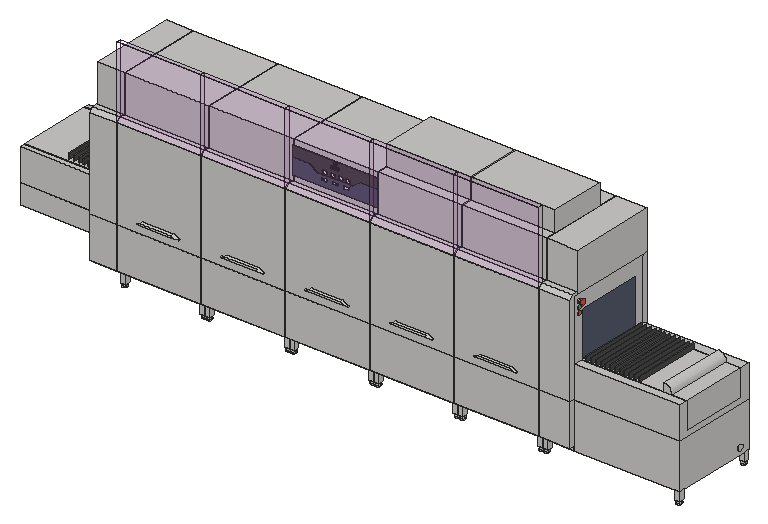
Revit family "QF_ELECTROLUXPROFESSIONAL_520121_EFTD082EL2U2D1M5EL385", category Attrezzature speciali, Revit 2020
Family settings
  Quota connettore circolare = Usa diametro
  Tipo di parte = Normale
  Basato su piano di lavoro = No
  Sempre verticale = Sì
  Taglio con vuoti quando caricato = No
  Condiviso = No
  Punto di calcolo locali = No
Parameters (values of type "Standard")
  Weight = 1381.00 kg
  Watts = 66700 W
  Volts = 380 V
  URL Manufacturer = "https://www.electroluxprofessional.com/"
  URL = "https://www.electroluxprofessional.com/"
  Steam Supply Size = 0 mm
  Steam Supply Minimum Pressure = 0.0 Pa
  Steam Supply Maximum Pressure = 0.0 Pa
  Steam Consumption per Hour = 0
  Show Logo [instance] = yes
  Show Clearance [instance] = yes
  Refrigeration Suction Line Size = 0 mm
  Refrigeration Liquid Line Size = 0 mm
  Refrigerant Compressor Remote = yes
  Prospetto di default = 0 mm
  Produttore = "Electrolux Professional"
  Phase = 3
  Modello = "EFTD082EL2U2D1M5EL385"
  Length Actual = 6250 mm  # constant formula
  Item Number = "520121"
  Hot Water Size = 0 mm
  Height Actual = 1983 mm  # constant formula
  HP = "89.4 HP"
  Gas Size = 0 mm
  Gas KW = 0
  Gas Input Pressure = 0 W
  Direct Waste Size = 50.8 mm
  Descrizione = "FT, 3TANKS, 8200D/H, EL., 950MM LOADING, 1300MM UNLOADING, 1DRYER, 55MM CONVEYOR,ESD,L>R,380V50HZ3P"
  Depth Actual = 946 mm  # constant formula
  Cycle = 50 Hz
  Condensate Return Size = 0 mm
  Compressed Air Volume = 0.0 L/s
  Compressed Air Size = 0 mm
  Compressed Air Pressure = 0.0 Pa
  Cold Water Size = 0 mm
  Accessory = yes
Reference planes
  plane 1 "Centro (Fronte/Retro)": y = 0
  plane 2: z = 0
  plane 3 "Centro (Sinistra/Destra)": x = 0
  plane 4: z = 115
Forms (mm)
  Extrusion 1, solid, material "QF_Finishes_Stainless Steel"
    sketch origin (2232.404, 2, 1806.023) x (1, 0, 0) y (0, 0, 1)
      loop
        line (407.596, -163.023) -> (407.596, -183.023) -> (427.596, -183.023) -> (427.596, -163.023) -> (407.596, -163.023)
    from 0 to 2
  Extrusion 2, solid, material "QF_Finishes_Stainless Steel"
    sketch origin (6255.617, -934.464, 1290.159) x (0, 0, -1) y (0, -1, 0)
      loop
        circle (1102.159, -772.464) r 25
    from -9.383 to 5.617
  Extrusion 3, solid, material "QF_Finishes_Stainless Steel"
    sketch origin (2892.404, 2, 337.984) x (1, 0, 0) y (0, 0, 1)
      loop
        line (407.596, -163.023) -> (407.596, -183.023) -> (427.596, -183.023) -> (427.596, -163.023) -> (407.596, -163.023)
    from 0 to 2
  Extrusion 4, solid, material "QF_Finishes_Stainless Steel"
    sketch origin (2697.841, 200.464, 109.383) x (1, 0, 0) y (0, 1, 0)
      loop
        circle (1102.159, -772.464) r 10
    from -9.383 to 5.617
Dimensions and locks
  plane 4 to level = 115 mm
  aligned and locked: level to plane 2
Nested families
  nested 1: "MODULO_CENTER_800_FAN" at (3733.563, -388.258, 0), Show Clearance <- "Show Clearance", type "MODULO_CENTER_800_FAN"
    with Show Logo yes, Show Clearance yes, R_L no, L_R yes
  nested 2: "MODULO_CENTER_800_FAN" at (4533.563, -388.258, 0), Show Clearance <- "Show Clearance", type "MODULO_CENTER_800_FAN"
    with Show Logo yes, Show Clearance yes, R_L no, L_R yes
  nested 3: "MODULO_CENTER_800" at (2933.563, -388.258, 0), Show Clearance <- "Show Clearance", type "MODULO_CENTER_800"
    with Show Logo yes, Show Clearance yes, R_L no, L_R yes
  nested 4: "MODULO_ENTRY_DISH_950" at (558.563, -388.258, 0), type "MODULO_ENTRY_DISH_950"
    with Show Logo yes, Show Clearance yes, R_L no, L_R yes
  nested 5: "MODULO_USCITA_DISH_1300" at (5308.563, -388.258, 0), type "MODULO_USCITA_DISH_1300"
    with Show Logo yes, Show Clearance yes, R_L yes, L_R no
  nested 6: "Piedino_Square_115H" at (6226.5, -73.5, 0) x (-1, 0, 0) z (0, 0, 1), type "Piedino_Square_115H"
  nested 7: "Piedino_Square_115H" at (6226.5, -838.5, 0) x (-1, 0, 0) z (0, 0, 1), type "Piedino_Square_115H"
  nested 8: "Piedino_Square_115H" at (4973.5, -73.5, 0) x (-1, 0, 0) z (0, 0, 1), type "Piedino_Square_115H"
  nested 9: "Piedino_Square_115H" at (4973.5, -838.5, 0) x (-1, 0, 0) z (0, 0, 1), type "Piedino_Square_115H"
  nested 10: "Piedino_Square_115H" at (3373.5, -838.5, 0), type "Piedino_Square_115H"
  nested 11: "Piedino_Square_115H" at (3373.5, -73.5, 0), type "Piedino_Square_115H"
  nested 12: "Piedino_Square_115H" at (4126.5, -838.5, 0), type "Piedino_Square_115H"
  nested 13: "Piedino_Square_115H" at (4126.5, -73.5, 0), type "Piedino_Square_115H"
  nested 14: "Piedino_Square_115H" at (4173.5, -838.5, 0) x (-1, 0, 0) z (0, 0, 1), type "Piedino_Square_115H"
  nested 15: "Piedino_Square_115H" at (4173.5, -73.5, 0) x (-1, 0, 0) z (0, 0, 1), type "Piedino_Square_115H"
  nested 16: "Piedino_Square_115H" at (4926.5, -838.5, 0) x (-1, 0, 0) z (0, 0, 1), type "Piedino_Square_115H"
  nested 17: "Piedino_Square_115H" at (4926.5, -73.5, 0) x (-1, 0, 0) z (0, 0, 1), type "Piedino_Square_115H"
  nested 18: "Piedino_Square_115H" at (2573.5, -838.5, 0), type "Piedino_Square_115H"
  nested 19: "Piedino_Square_115H" at (2573.5, -73.5, 0), type "Piedino_Square_115H"
  nested 20: "Piedino_Square_115H" at (3326.5, -838.5, 0), type "Piedino_Square_115H"
  nested 21: "Piedino_Square_115H" at (3326.5, -73.5, 0), type "Piedino_Square_115H"
  nested 22: "MANIGLIA_FLIGHT_400" at (2950, -912, 639.28) x (1, 0, 0) z (0, -1, 0), type "MANIGLIA_FLIGHT_400"
  nested 23: "MANIGLIA_FLIGHT_400" at (4550, -912, 639.28) x (1, 0, 0) z (0, -1, 0), type "MANIGLIA_FLIGHT_400"
  nested 24: "MANIGLIA_FLIGHT_400" at (3750, -912, 639.28) x (1, 0, 0) z (0, -1, 0), type "MANIGLIA_FLIGHT_400"
  nested 25: "MODULO_CENTER_800" at (2166.437, -388.258, 0) x (-1, 0, 0) z (0, 0, 1), Show Clearance <- "Show Clearance", type "MODULO_CENTER_800"
    with Show Logo yes, Show Clearance yes, R_L no, L_R yes
  nested 26: "Piedino_Square_115H" at (2526.5, -838.5, 0) x (-1, 0, 0) z (0, 0, 1), type "Piedino_Square_115H"
  nested 27: "Piedino_Square_115H" at (2526.5, -73.5, 0) x (-1, 0, 0) z (0, 0, 1), type "Piedino_Square_115H"
  nested 28: "Piedino_Square_115H" at (1773.5, -838.5, 0) x (-1, 0, 0) z (0, 0, 1), type "Piedino_Square_115H"
  nested 29: "Piedino_Square_115H" at (1773.5, -73.5, 0) x (-1, 0, 0) z (0, 0, 1), type "Piedino_Square_115H"
  nested 30: "MANIGLIA_FLIGHT_400" at (2150, -912, 639.28) x (-1, 0, 0) z (0, -1, 0), type "MANIGLIA_FLIGHT_400"
  nested 31: "MODULO_CENTER_800" at (1333.563, -388.258, 0), Show Clearance <- "Show Clearance", type "MODULO_CENTER_800"
    with Show Logo yes, Show Clearance yes, R_L no, L_R yes
  nested 32: "Piedino_Square_115H" at (973.5, -838.5, 0), type "Piedino_Square_115H"
  nested 33: "Piedino_Square_115H" at (973.5, -73.5, 0), type "Piedino_Square_115H"
  nested 34: "Piedino_Square_115H" at (1726.5, -838.5, 0), type "Piedino_Square_115H"
  nested 35: "Piedino_Square_115H" at (1726.5, -73.5, 0), type "Piedino_Square_115H"
  nested 36: "MANIGLIA_FLIGHT_400" at (1350, -912, 639.28) x (1, 0, 0) z (0, -1, 0), type "MANIGLIA_FLIGHT_400"
  nested 37: "Schermo_Flight_800" at (2950, -815, 1592.763) x (1, 0, 0) z (0, -1, 0), type "Schermo_Flight_800"
  nested 38: "ELX_LOGO_WORDS_WHITE" at (2950, -816.6, 1682.763) x (1, 0, 0) z (0, -1, 0), Show Logo <- "Show Logo", visible <- "Show Logo", type "ELX_LOGO_WORDS_WHITE"
    with Show Logo yes
  nested 39: "ELX_LOGO_MONO_SMALL_WHITE" at (2940.08, -816.6, 1668.763) x (-1, 0, 0) z (0, -1, 0), Show Logo <- "Show Logo", visible <- "Show Logo", type "ELX_LOGO_MONO_SMALL_WHITE"
    with Show Logo yes
Connectors
  electrical at (2650, 2, 1633)
    settings: on Extrusion 1, index 69, voltage 0 V, apparent load 0 VA, apparent load phase1 0 VA, apparent load phase2 0 VA, apparent load phase3 0 VA, power factor 1, load classification "Altro", number of poles 1, system type 30, power factor state 1, is connector primary yes, connector utility no, sub classification motor no, connector description "EI"
  piping at (6265, -162, 188), diameter 50
    settings: on Extrusion 2, index 70, connector inside diameter 609.6 mm, connector length 0 mm, flow factor 0, pipe flow 0.0 L/s, pressure drop 0.0 Pa, fitting loss kfactor 0, connector angle 0.00°, fixture units 0, engagement length 0 mm, angle of deflection 0.00°, flow configuration 0, flow direction 0, fitting loss method 0, system type 29, joint type 0, gender type 0, connector reference index -1, connector utility 0, adjustable connector no, is connector primary yes, connector description "D"
  electrical at (3310, 2, 164.961)
    settings: on Extrusion 3, index 71, voltage 0 V, apparent load 0 VA, apparent load phase1 0 VA, apparent load phase2 0 VA, apparent load phase3 0 VA, power factor 1, load classification "Altro", number of poles 1, system type 30, power factor state 1, is connector primary no, connector utility no, sub classification motor no, connector description "EQ"
  piping at (3800, -572, 100), diameter 19.1
    settings: on Extrusion 4, index 72, connector inside diameter 609.6 mm, connector length 0 mm, flow factor 0, pipe flow 0.0 L/s, pressure drop 0.0 Pa, fitting loss kfactor 0, connector angle 0.00°, fixture units 0, engagement length 0 mm, angle of deflection 0.00°, flow configuration 0, flow direction 0, fitting loss method 0, system type 29, joint type 0, gender type 0, connector reference index -1, connector utility 0, adjustable connector no, is connector primary no, connector description "HWI/CWI"
Definition of nested family "MODULO_CENTER_800_FAN"
  Parameters (values of type "MODULO_CENTER_800_FAN")
    URL = "http://professional.electrolux.com"
    Show Logo [instance] = yes
    R_L [instance] = not(L_R)  # no
    Default Elevation = 0 mm
    Manufacturer = "Electrolux"
    Model = "ESR10E5"
    Length Actual = 800 mm
    Show Clearance [instance] = yes
    L_R [instance] = yes
    Height Actual = 1792 mm
    Description = "SINGLE RINSE RT, 100R/H, ELECTRIC 50HZ"
    Depth Actual = 912 mm
  Reference planes
    plane 1 "Center X": y = -67.742
    plane 2: z = 0
    plane 3 "LEFT": x = -383.563
    plane 4 "RIGHT": x = 416.437
    plane 5 "BACK": y = 388.258
    plane 6 "FEET": z = 115
    plane 7: z = 2092
    plane 8 "TOP": z = 1792
    plane 9 "FRONT": y = -523.742
    plane 10 "Left/Right": x = 16.437
    plane 11 "TopVent": z = 1983
  Forms (mm)
    Extrusion 1, solid
      sketch origin (416.437, 479.936, 4000) x (0, 1, 0) y (0, 0, 1)
        loop
          line (-91.678, -2208) -> (-906.678, -2208) -> (-906.678, -2580) -> (-91.678, -2580) -> (-91.678, -2208)
      from -800 to 0
    Extrusion 2, solid
      sketch origin (-383.563, 437.565, 3910) x (0, 1, 0) y (0, 0, 1)
        loop
          line (-99.307, -2490) -> (-911.307, -2490) -> (-911.307, -3552) -> (-99.307, -3552) -> (-99.307, -2490)
      from 800 to 0
    Extrusion 3, solid
      sketch origin (416.437, 479.936, 4299) x (0, 1, 0) y (0, 0, 1)
        loop
          line (-278.21, -2316) -> (-803.678, -2316) -> (-803.678, -2507) -> (-278.21, -2507) -> (-278.21, -2316)
      from -800 to 0
    Extrusion 4, solid
      sketch origin (16.437, 0, 1.5) x (0, 0, 1) y (0, -1, 0)
        loop
          line (356.5, -338.258) -> (356.5, 473.742) -> (113.5, 473.742) -> (113.5, -338.258) -> (356.5, -338.258)
      from 400 to -400
    Extrusion 5, solid
      sketch origin (16.437, 0, 0) x (0, 0, 1) y (0, -1, 0)
        loop
          line (1420, -338.258) -> (545, -338.258) -> (545, -388.258) -> (1420, -388.258) -> (1420, -338.258)
      from -400 to 400
    Extrusion 6, solid
      sketch origin (16.437, 0, 0) x (0, 0, 1) y (0, -1, 0)
        loop
          line (545, -388.258) -> (545, -338.258) -> (154, -338.258) -> (154, -388.258) -> (545, -388.258)
      from -400 to 400
    Extrusion 7, solid
      sketch origin (16.437, -882.484, -150) x (0, -1, 0) y (0, 0, 1)
        loop
          line (-358.742, 304) -> (-358.742, 695) -> (-408.742, 695) -> (-408.742, 304) -> (-358.742, 304)
      from -400 to 400
    Extrusion 8, solid
      sketch origin (16.437, -882.484, -151) x (0, -1, 0) y (0, 0, 1)
        loop
          line (-408.742, 1571) -> (-408.742, 696) -> (-358.742, 696) -> (-358.742, 1556) -> (-395.742, 1593) -> (-443.742, 1593) -> (-443.742, 1571) -> (-408.742, 1571)
      from -400 to 400
    Extrusion 9, solid, visible <- "Show Clearance"
      sketch origin (16.437, -882.484, 452) x (0, -1, 0) y (0, 0, 1)
        loop
          line (-408.742, 1640) -> (-408.742, 953.624) -> (-358.742, 953.624) -> (-358.742, 1640) -> (-408.742, 1640)
      from -400 to 400
  Dimensions and locks
    plane 3 "LEFT" to plane 4 "RIGHT" = 800 mm
    plane 5 "BACK" to plane 1 "Center X" to plane 9 "FRONT" = 456 mm, 456 mm
    plane 6 "FEET" to level = 115 mm  (x2)
    plane 6 "FEET" to plane 8 "TOP" = 1677 mm
    plane 5 "BACK" to plane 9 "FRONT" = 912 mm  (x2)
    plane 4 "RIGHT" to plane 3 "LEFT" = 800 mm
    plane 9 "FRONT" to plane 5 "BACK" = 912 mm
    level to plane 8 "TOP" = 1792 mm  (x2)
    plane 7 to level = 2092 mm
    plane 11 "TopVent" to plane 2 = 1983 mm
    plane 7 to plane 2 = 2092 mm
    Extrusion 2 to level = 1420 mm
    Extrusion 8 to level = 1442 mm
    plane 11 "TopVent" to level = 1983 mm
    aligned and locked: level to plane 2
Definition of nested family "MODULO_CENTER_800"
  Parameters (values of type "MODULO_CENTER_800")
    URL = "http://professional.electrolux.com"
    Show Logo [instance] = yes
    R_L [instance] = not(L_R)  # no
    Default Elevation = 0 mm
    Manufacturer = "Electrolux"
    Model = "ESR10E5"
    Length Actual = 800 mm
    Show Clearance [instance] = yes
    L_R [instance] = yes
    Height Actual = 1792 mm
    Description = "SINGLE RINSE RT, 100R/H, ELECTRIC 50HZ"
    Depth Actual = 912 mm
  Reference planes
    plane 1 "Center X": y = -67.742
    plane 2: z = 0
    plane 3 "LEFT": x = -383.563
    plane 4 "RIGHT": x = 416.437
    plane 5 "BACK": y = 388.258
    plane 6 "FEET": z = 115
    plane 7: z = 2092
    plane 8 "TOP": z = 1792
    plane 9 "FRONT": y = -523.742
    plane 10 "Left/Right": x = 16.437
  Forms (mm)
    Extrusion 1, solid
      sketch origin (416.437, 479.936, 4000) x (0, 1, 0) y (0, 0, 1)
        loop
          line (-91.678, -2208) -> (-906.678, -2208) -> (-906.678, -2580) -> (-91.678, -2580) -> (-91.678, -2208)
      from -800 to 0
    Extrusion 2, solid
      sketch origin (-383.563, 437.565, 3915) x (0, 1, 0) y (0, 0, 1)
        loop
          line (-99.307, -2495) -> (-911.307, -2495) -> (-911.307, -3557) -> (-99.307, -3557) -> (-99.307, -2495)
      from 800 to 0
    Extrusion 3, solid
      sketch origin (16.437, 0, 1.5) x (0, 0, 1) y (0, -1, 0)
        loop
          line (356.5, -338.258) -> (356.5, 473.742) -> (113.5, 473.742) -> (113.5, -338.258) -> (356.5, -338.258)
      from 400 to -400
    Extrusion 4, solid
      sketch origin (16.437, 0, 0) x (0, 0, 1) y (0, -1, 0)
        loop
          line (1420, -338.258) -> (545, -338.258) -> (545, -388.258) -> (1420, -388.258) -> (1420, -338.258)
      from -400 to 400
    Extrusion 5, solid
      sketch origin (16.437, 0, 0) x (0, 0, 1) y (0, -1, 0)
        loop
          line (545, -388.258) -> (545, -338.258) -> (154, -338.258) -> (154, -388.258) -> (545, -388.258)
      from -400 to 400
    Extrusion 6, solid
      sketch origin (16.437, -882.484, -150) x (0, -1, 0) y (0, 0, 1)
        loop
          line (-358.742, 304) -> (-358.742, 695) -> (-408.742, 695) -> (-408.742, 304) -> (-358.742, 304)
      from -400 to 400
    Extrusion 7, solid
      sketch origin (16.437, -882.484, -151) x (0, -1, 0) y (0, 0, 1)
        loop
          line (-408.742, 1571) -> (-408.742, 696) -> (-358.742, 696) -> (-358.742, 1556) -> (-395.742, 1593) -> (-443.742, 1593) -> (-443.742, 1571) -> (-408.742, 1571)
      from -400 to 400
    Extrusion 8, solid, visible <- "Show Clearance"
      sketch origin (16.437, -882.484, 452) x (0, -1, 0) y (0, 0, 1)
        loop
          line (-408.742, 1640) -> (-408.742, 953.624) -> (-358.742, 953.624) -> (-358.742, 1640) -> (-408.742, 1640)
      from -400 to 400
  Dimensions and locks
    plane 3 "LEFT" to plane 4 "RIGHT" = 800 mm
    plane 5 "BACK" to plane 1 "Center X" to plane 9 "FRONT" = 456 mm, 456 mm
    plane 6 "FEET" to level = 115 mm  (x2)
    plane 6 "FEET" to plane 8 "TOP" = 1677 mm
    plane 5 "BACK" to plane 9 "FRONT" = 912 mm  (x2)
    plane 4 "RIGHT" to plane 3 "LEFT" = 800 mm
    plane 9 "FRONT" to plane 5 "BACK" = 912 mm
    level to plane 8 "TOP" = 1792 mm  (x2)
    plane 7 to level = 2092 mm
    plane 7 to plane 2 = 2092 mm
    Extrusion 2 to level = 1420 mm
    Extrusion 7 to level = 1442 mm
    aligned and locked: level to plane 2
Definition of nested family "MODULO_ENTRY_DISH_950"
  Parameters (values of type "MODULO_ENTRY_DISH_950")
    URL = "http://professional.electrolux.com"
    Show Logo [instance] = yes
    R_L [instance] = not(L_R)  # no
    Default Elevation = 0 mm
    Manufacturer = "Electrolux"
    Model = "ESR10E5"
    Length Actual = 800 mm
    Show Clearance [instance] = yes
    L_R [instance] = yes
    Height Actual = 1792 mm
    Description = "SINGLE RINSE RT, 100R/H, ELECTRIC 50HZ"
    Depth Actual = 912 mm
  Reference planes
    plane 1 "Center (Front/Back)": y = -67.742
    plane 2: z = 0
    plane 3 "LEFT": x = -558.563
    plane 4 "RIGHT": x = 391.437
    plane 5 "BACK": y = 388.258
    plane 6 "FRONT": y = -523.742
    plane 7 "BUTTONS": y = -427.742
    plane 8: z = 115
    plane 9 "2": y = 292.258
  Forms (mm)
    Extrusion 1, solid, visible <- "L_R"
      sketch origin (391.437, 479.936, 4000) x (0, 1, 0) y (0, 0, 1)
        loop
          line (-91.678, -2208) -> (-906.678, -2208) -> (-906.678, -2580) -> (-91.678, -2580) -> (-91.678, -2208)
      from -250 to 0
    Extrusion 2, solid
      sketch origin (-358.563, 437.565, 3910) x (0, 1, 0) y (0, 0, 1)
        loop
          line (-99.307, -2490) -> (-911.307, -2490) -> (-911.307, -3552) -> (-99.307, -3552) -> (-99.307, -2490)
      from 750 to 500
    Extrusion 3, solid
      sketch origin (-558.563, 437.565, 3910) x (0, 1, 0) y (0, 0, 1)
        loop
          line (-99.307, -3365) -> (-99.307, -3060) -> (-149.307, -3060) -> (-149.307, -3315) -> (-861.307, -3315) -> (-861.307, -3060) -> (-911.307, -3060) -> (-911.307, -3365) -> (-99.307, -3365)
      from 700 to 0
    Extrusion 4, solid
      sketch origin (16.437, 0, -4.987) x (0, 0, 1) y (0, -1, 0)
        loop
          line (362.987, -338.258) -> (362.987, 473.742) -> (119.987, 473.742) -> (119.987, -338.258) -> (362.987, -338.258)
      from 375 to 125
    Extrusion 5, solid, visible <- "L_R"
      sketch origin (16.437, 0, 0) x (0, 0, 1) y (0, -1, 0)
        loop
          line (1420, -338.258) -> (545, -338.258) -> (545, -388.258) -> (1420, -388.258) -> (1420, -338.258)
      from 125 to 375
    Extrusion 6, solid
      sketch origin (16.437, 0, 0) x (0, 0, 1) y (0, -1, 0)
        loop
          line (545, -388.258) -> (545, -338.258) -> (154, -338.258) -> (154, -388.258) -> (545, -388.258)
      from 125 to 375
    Extrusion 7, solid
      sketch origin (-558.563, 437.565, 3607.258) x (0, 1, 0) y (0, 0, 1)
        loop
          line (-99.307, -3249.258) -> (-99.307, -3062.258) -> (-911.307, -3062.258) -> (-911.307, -3249.258) -> (-99.307, -3249.258)
      from 700 to 0
    Extrusion 8, solid
      sketch origin (-558.563, 437.565, 4000) x (0, 1, 0) y (0, 0, 1)
        loop
          line (-149.307, -3150) -> (-861.307, -3150) -> (-861.307, -3405) -> (-149.307, -3405) -> (-149.307, -3150)
      from 0 to 700
    Extrusion 9, solid
      sketch origin (266.437, -882.484, -150) x (0, -1, 0) y (0, 0, 1)
        loop
          line (-358.742, 304) -> (-358.742, 695) -> (-408.742, 695) -> (-408.742, 304) -> (-358.742, 304)
      from -125 to 125
    Extrusion 10, solid, visible <- "L_R"
      sketch origin (266.437, -882.484, -151) x (0, -1, 0) y (0, 0, 1)
        loop
          line (-408.742, 1571) -> (-408.742, 696) -> (-358.742, 696) -> (-358.742, 1556) -> (-395.742, 1593) -> (-443.742, 1593) -> (-443.742, 1571) -> (-408.742, 1571)
      from -125 to 125
    Extrusion 11, solid
      sketch origin (-358.563, 437.565, 4000) x (0, 1, 0) y (0, 0, 1)
        loop
          line (-199.307, -2725.701) -> (-811.307, -2725.701) -> (-811.307, -3137.701) -> (-199.307, -3137.701) -> (-199.307, -2725.701)
      from 495.458 to 500
    Extrusion 12, solid, visible <- "R_L"
      sketch origin (266.437, 747, -151) x (0, 1, 0) y (0, 0, -1)
        loop
          line (-408.742, -1571) -> (-443.742, -1571) -> (-443.742, -1593) -> (-395.742, -1593) -> (-358.742, -1556) -> (-358.742, -696) -> (-408.742, -696) -> (-408.742, -1571)
      from -125 to 125
    Extrusion 13, solid, visible <- "R_L"
      sketch origin (16.437, -135.484, 0) x (0, 0, 1) y (0, -1, 0)
        loop
          line (1420, 338.258) -> (1420, 388.258) -> (545, 388.258) -> (545, 338.258) -> (1420, 338.258)
      from 125 to 375
    Extrusion 14, solid, visible <- "R_L"
      sketch origin (391.437, -615.42, 4000) x (0, -1, 0) y (0, 0, -1)
        loop
          line (-91.678, 2208) -> (-91.678, 2580) -> (-906.678, 2580) -> (-906.678, 2208) -> (-91.678, 2208)
      from -250 to 0
    Extrusion 15, solid
      sketch origin (-191.477, -192.742, -3) x (-1, 0, 0) y (0, 0, 1)
        loop
          line (-26.676, 853) -> (-26.676, 898) -> (-36.676, 898) -> (-36.676, 853) -> (-26.676, 853)
      from -196 to 446
    Extrusion 16, solid
      sketch origin (-146.477, -192.742, -3) x (-1, 0, 0) y (0, 0, 1)
        loop
          line (-26.676, 853) -> (-26.676, 898) -> (-36.676, 898) -> (-36.676, 853) -> (-26.676, 853)
      from -196 to 446
    Extrusion 17, solid
      sketch origin (-101.477, -192.742, -3) x (-1, 0, 0) y (0, 0, 1)
        loop
          line (-26.676, 853) -> (-26.676, 898) -> (-36.676, 898) -> (-36.676, 853) -> (-26.676, 853)
      from -196 to 446
    Extrusion 18, solid
      sketch origin (-56.477, -192.742, -3) x (-1, 0, 0) y (0, 0, 1)
        loop
          line (-26.676, 853) -> (-26.676, 898) -> (-36.676, 898) -> (-36.676, 853) -> (-26.676, 853)
      from -196 to 446
    Extrusion 19, solid
      sketch origin (-11.477, -192.742, -3) x (-1, 0, 0) y (0, 0, 1)
        loop
          line (-26.676, 853) -> (-26.676, 898) -> (-36.676, 898) -> (-36.676, 853) -> (-26.676, 853)
      from -196 to 446
    Extrusion 20, solid
      sketch origin (33.523, -192.742, -3) x (-1, 0, 0) y (0, 0, 1)
        loop
          line (-26.676, 853) -> (-26.676, 898) -> (-36.676, 898) -> (-36.676, 853) -> (-26.676, 853)
      from -196 to 446
  Dimensions and locks
    plane 3 "LEFT" to plane 4 "RIGHT" = 950 mm
    plane 5 "BACK" to plane 1 "Center (Front/Back)" to plane 6 "FRONT" = 456 mm, 456 mm
    plane 5 "BACK" to plane 6 "FRONT" = 912 mm  (x2)
    plane 4 "RIGHT" to plane 3 "LEFT" = 950 mm  (x2)
    plane 6 "FRONT" to plane 5 "BACK" = 912 mm
    plane 8 to level = 115 mm
    Extrusion 1 to level = 1792 mm
    Extrusion 3 to level = 850 mm
    aligned and locked: level to plane 2
  Nested families
    nested 1: "BOTTONE_RED_STOP" at (141.437, -427.742, 1266.906) x (0, -1, 0) z (-1, 0, 0), visible <- "L_R", type "BOTTONE_RED_STOP"
    nested 2: "BOTTONE_EMERGENCY_STOP" at (141.437, -427.742, 1370) x (0, -1, 0) z (-1, 0, 0), visible <- "L_R", type "BOTTONE_EMERGENCY_STOP"
    nested 3: "BOTTONE_GREEN_START" at (141.437, -427.742, 1316.906) x (0, -1, 0) z (-1, 0, 0), visible <- "L_R", type "BOTTONE_GREEN_START"
    nested 4: "BOTTONE_RED_STOP" at (141.437, 292.258, 1267.906) x (0, 1, 0) z (-1, 0, 0), visible <- "R_L", type "BOTTONE_RED_STOP"
    nested 5: "BOTTONE_EMERGENCY_STOP" at (141.437, 292.258, 1371) x (0, 1, 0) z (-1, 0, 0), visible <- "R_L", type "BOTTONE_EMERGENCY_STOP"
    nested 6: "BOTTONE_GREEN_START" at (141.437, 292.258, 1317.906) x (0, 1, 0) z (-1, 0, 0), visible <- "R_L", type "BOTTONE_GREEN_START"
  Definition of nested family "BOTTONE_RED_STOP"
    Parameters (values of type "BOTTONE_RED_STOP")
      Default Elevation = 1219.2 mm
    Reference planes
      plane 1 "Centro (Fronte/Retro)": y = 0
      plane 2: z = 0
      plane 3 "Centro (Sinistra/Destra)": x = 0
    Forms (mm)
      Extrusion 1, solid
        sketch origin (0, 0, 0) x (1, 0, 0) y (0, 1, 0)
          loop
            line (-1219.2, 1219.2) -> (-1219.2, -1219.2) -> (1219.2, -1219.2) -> (1219.2, 1219.2) -> (-1219.2, 1219.2)
        from 0 to -304.8
      Extrusion 2, solid
        sketch origin (-367.513, 69.533, 15) x (-1, 0, 0) y (0, 1, 0)
          loop
            circle (-367.513, -69.533) r 15
        from 0 to 15
    Dimensions and locks
      aligned and locked: plane 2 to Extrusion 1
      aligned and locked: level to Extrusion 1
  Definition of nested family "BOTTONE_EMERGENCY_STOP"
    Parameters
      Default Elevation = 1219.2 mm
    Reference planes
      plane 1 "Centro (Fronte/Retro)": y = 0
      plane 2: z = 0
      plane 3 "Centro (Sinistra/Destra)": x = 0
    Forms (mm)
      Extrusion 1, solid
        sketch origin (0, 0, 0) x (1, 0, 0) y (0, 1, 0)
          loop
            line (-1219.2, 1219.2) -> (-1219.2, -1219.2) -> (1219.2, -1219.2) -> (1219.2, 1219.2) -> (-1219.2, 1219.2)
        from 0 to -304.8
      Extrusion 2, solid
        sketch origin (0, 0, 0) x (1, 0, 0) y (0, 1, 0)
          loop
            circle (0, 0) r 15
        from 0 to 20.273
      Blend 3, solid
        base sketch origin (-49.801, 0, 0) x (1, 0, 0) y (0, 1, 0)
          loop
            circle (49.801, 0) r 15
        top sketch origin (-49.801, 0, 0) x (1, 0, 0) y (0, 1, 0)
          loop
            circle (49.801, 0) r 25
        from 20.273 to 47.605
    Dimensions and locks
      aligned and locked: plane 2 to Extrusion 1
      aligned and locked: level to Extrusion 1
  Definition of nested family "BOTTONE_GREEN_START"
    Parameters (values of type "BOTTONE_GREEN_START")
      Default Elevation = 1219.2 mm
    Reference planes
      plane 1 "Centro (Fronte/Retro)": y = 0
      plane 2: z = 0
      plane 3 "Centro (Sinistra/Destra)": x = 0
    Forms (mm)
      Extrusion 1, solid
        sketch origin (0, 0, 0) x (1, 0, 0) y (0, 1, 0)
          loop
            line (-1219.2, 1219.2) -> (-1219.2, -1219.2) -> (1219.2, -1219.2) -> (1219.2, 1219.2) -> (-1219.2, 1219.2)
        from 0 to -304.8
      Extrusion 2, solid
        sketch origin (-367.513, 69.533, 15) x (-1, 0, 0) y (0, 1, 0)
          loop
            circle (-367.513, -69.533) r 15
        from 0 to 15
    Dimensions and locks
      aligned and locked: plane 2 to Extrusion 1
      aligned and locked: level to Extrusion 1
Definition of nested family "MODULO_USCITA_DISH_1300"
  Parameters (values of type "MODULO_USCITA_DISH_1300")
    URL = "http://professional.electrolux.com"
    Show Logo [instance] = yes
    R_L [instance] = not(L_R)  # yes
    Default Elevation = 0 mm
    Manufacturer = "Electrolux"
    Model = "ESR10E5"
    Length Actual = 800 mm
    Show Clearance [instance] = yes
    L_R [instance] = no
    Height Actual = 1792 mm
    Description = "SINGLE RINSE RT, 100R/H, ELECTRIC 50HZ"
    Depth Actual = 912 mm
  Reference planes
    plane 1 "Center (Front/Back)": y = -67.742
    plane 2: z = 0
    plane 3 "LEFT": x = -358.563
    plane 4 "BACK": y = 388.258
    plane 5 "FEET": z = 115
    plane 6 "TOP": z = 1792
    plane 7 "FRONT": y = -523.742
    plane 8 "Left/Right": x = 16.437
    plane 9: x = -358.563
    plane 10: y = -427.742
    plane 11 "RIGHT": x = 941.437
  Forms (mm)
    Extrusion 1, solid, visible <- "R_L"
      sketch origin (-358.563, 479.936, 4003) x (0, 1, 0) y (0, 0, -1)
        loop
          line (-91.678, 2211) -> (-91.678, 2583) -> (-906.678, 2583) -> (-906.678, 2211) -> (-91.678, 2211)
      from -300 to 0
    Extrusion 2, solid
      sketch origin (-358.563, 437.565, 4003) x (0, 1, 0) y (0, 0, 1)
        loop
          line (-99.307, -3458) -> (-911.307, -3458) -> (-911.307, -3888) -> (-99.307, -3888) -> (-99.307, -3458)
      from 300 to 0
    Extrusion 3, solid
      sketch origin (-358.563, 479.936, 4003) x (0, 1, 0) y (0, 0, -1)
        loop
          line (-141.678, 2583) -> (-141.678, 3458) -> (-953.678, 3458) -> (-953.678, 2583) -> (-141.678, 2583)
      from -300 to 0
    Extrusion 4, solid
      sketch origin (391.437, 437.565, 3913) x (0, 1, 0) y (0, 0, -1)
        loop
          line (-99.307, 3368) -> (-911.307, 3368) -> (-911.307, 3063) -> (-826.307, 3063) -> (-826.307, 3318) -> (-184.307, 3318) -> (-184.307, 3063) -> (-99.307, 3063) -> (-99.307, 3368)
      from 450 to -550
    Extrusion 5, solid, visible <- "R_L"
      sketch origin (16.437, 0, 3) x (0, 0, 1) y (0, 1, 0)
        loop
          line (1417, 338.258) -> (1417, 388.258) -> (542, 388.258) -> (542, 338.258) -> (1417, 338.258)
      from 75 to 375
    Extrusion 6, solid
      sketch origin (16.437, 0, 3) x (0, 0, 1) y (0, 1, 0)
        loop
          line (542, 388.258) -> (151, 388.258) -> (151, 338.258) -> (542, 338.258) -> (542, 388.258)
      from 75 to 375
    Extrusion 7, solid
      sketch origin (391.437, 437.565, 3610.258) x (0, 1, 0) y (0, 0, -1)
        loop
          line (-99.307, 3495.258) -> (-911.307, 3495.258) -> (-911.307, 3065.258) -> (-99.307, 3065.258) -> (-99.307, 3495.258)
      from 450 to -550
    Extrusion 8, solid
      sketch origin (991.437, 0, 3) x (0, 1, 0) y (0, 0, 1)
        loop
          line (253.258, 847) -> (-388.742, 847) -> (-388.742, 592) -> (253.258, 592) -> (253.258, 847)
      from -50 to -1050
    Extrusion 9, solid
      sketch origin (-358.563, 437.565, 3928) x (0, 1, 0) y (0, 0, 1)
        loop
          line (-811.307, -3065.701) -> (-199.307, -3065.701) -> (-199.307, -2653.701) -> (-811.307, -2653.701) -> (-811.307, -3065.701)
      from 300 to 304.77
    Extrusion 10, solid
      sketch origin (-208.563, -115, -147) x (0, 1, 0) y (0, 0, 1)
        loop
          line (-358.742, 301) -> (-358.742, 692) -> (-408.742, 692) -> (-408.742, 301) -> (-358.742, 301)
      from -150 to 150
    Extrusion 11, solid, visible <- "R_L"
      sketch origin (-208.563, -882.484, -151) x (0, -1, 0) y (0, 0, 1)
        loop
          line (-408.742, 1571) -> (-408.742, 696) -> (-358.742, 696) -> (-358.742, 1556) -> (-395.742, 1593) -> (-443.742, 1593) -> (-443.742, 1571) -> (-408.742, 1571)
      from -150 to 150
    Extrusion 12, solid
      sketch origin (-39.574, -192.742, -3) x (-1, 0, 0) y (0, 0, 1)
        loop
          line (-26.676, 853) -> (-26.676, 898) -> (-36.676, 898) -> (-36.676, 853) -> (-26.676, 853)
      from -196 to 446
    Extrusion 13, solid
      sketch origin (5.426, -192.742, -3) x (-1, 0, 0) y (0, 0, 1)
        loop
          line (-26.676, 853) -> (-26.676, 898) -> (-36.676, 898) -> (-36.676, 853) -> (-26.676, 853)
      from -196 to 446
    Extrusion 14, solid
      sketch origin (50.426, -192.742, -3) x (-1, 0, 0) y (0, 0, 1)
        loop
          line (-26.676, 853) -> (-26.676, 898) -> (-36.676, 898) -> (-36.676, 853) -> (-26.676, 853)
      from -196 to 446
    Extrusion 15, solid
      sketch origin (95.426, -192.742, -3) x (-1, 0, 0) y (0, 0, 1)
        loop
          line (-26.676, 853) -> (-26.676, 898) -> (-36.676, 898) -> (-36.676, 853) -> (-26.676, 853)
      from -196 to 446
    Extrusion 16, solid
      sketch origin (140.426, -192.742, -3) x (-1, 0, 0) y (0, 0, 1)
        loop
          line (-26.676, 853) -> (-26.676, 898) -> (-36.676, 898) -> (-36.676, 853) -> (-26.676, 853)
      from -196 to 446
    Extrusion 17, solid
      sketch origin (185.426, -192.742, -3) x (-1, 0, 0) y (0, 0, 1)
        loop
          line (-26.676, 853) -> (-26.676, 898) -> (-36.676, 898) -> (-36.676, 853) -> (-26.676, 853)
      from -196 to 446
    Extrusion 18, solid
      sketch origin (230.426, -192.742, -3) x (-1, 0, 0) y (0, 0, 1)
        loop
          line (-26.676, 853) -> (-26.676, 898) -> (-36.676, 898) -> (-36.676, 853) -> (-26.676, 853)
      from -196 to 446
    Extrusion 19, solid
      sketch origin (275.426, -192.742, -3) x (-1, 0, 0) y (0, 0, 1)
        loop
          line (-26.676, 853) -> (-26.676, 898) -> (-36.676, 898) -> (-36.676, 853) -> (-26.676, 853)
      from -196 to 446
    Revolve 20, solid
      sketch origin (295, 0, 850) x (1, 0, 0) y (0, 1, 0)
        loop
          line (430.204, 253.258) -> (430.204, -388.742) -> (502.335, -388.742) -> (502.335, 253.258) -> (430.204, 253.258)
        axis (430.204, 253.258) -> (430.204, -388.742)
      angle from 0 to -90
    Extrusion 21, solid, visible <- "L_R"
      sketch origin (-208.563, 747, -151) x (0, 1, 0) y (0, 0, -1)
        loop
          line (-408.742, -1571) -> (-443.742, -1571) -> (-443.742, -1593) -> (-395.742, -1593) -> (-358.742, -1556) -> (-358.742, -696) -> (-408.742, -696) -> (-408.742, -1571)
      from -150 to 150
    Extrusion 22, solid, visible <- "L_R"
      sketch origin (16.437, -135.484, 3) x (0, 0, 1) y (0, 1, 0)
        loop
          line (1417, -338.258) -> (542, -338.258) -> (542, -388.258) -> (1417, -388.258) -> (1417, -338.258)
      from 75 to 375
    Extrusion 23, solid, visible <- "L_R"
      sketch origin (-358.563, -615.42, 4003) x (0, -1, 0) y (0, 0, 1)
        loop
          line (-91.678, -2211) -> (-906.678, -2211) -> (-906.678, -2583) -> (-91.678, -2583) -> (-91.678, -2211)
      from -300 to 0
    Extrusion 24, solid
      sketch origin (320.426, -192.742, -3) x (-1, 0, 0) y (0, 0, 1)
        loop
          line (-26.676, 853) -> (-26.676, 898) -> (-36.676, 898) -> (-36.676, 853) -> (-26.676, 853)
      from -196 to 446
    Extrusion 25, solid
      sketch origin (365.426, -192.742, -3) x (-1, 0, 0) y (0, 0, 1)
        loop
          line (-26.676, 853) -> (-26.676, 898) -> (-36.676, 898) -> (-36.676, 853) -> (-26.676, 853)
      from -196 to 446
    Extrusion 26, solid
      sketch origin (410.426, -192.742, -3) x (-1, 0, 0) y (0, 0, 1)
        loop
          line (-26.676, 853) -> (-26.676, 898) -> (-36.676, 898) -> (-36.676, 853) -> (-26.676, 853)
      from -196 to 446
    Extrusion 27, solid
      sketch origin (455.426, -192.742, -3) x (-1, 0, 0) y (0, 0, 1)
        loop
          line (-26.676, 853) -> (-26.676, 898) -> (-36.676, 898) -> (-36.676, 853) -> (-26.676, 853)
      from -196 to 446
  Dimensions and locks
    plane 4 "BACK" to plane 1 "Center (Front/Back)" to plane 7 "FRONT" = 456 mm, 456 mm
    plane 5 "FEET" to level = 115 mm  (x2)
    plane 4 "BACK" to plane 7 "FRONT" = 912 mm  (x2)
    plane 7 "FRONT" to plane 4 "BACK" = 912 mm
    level to plane 6 "TOP" = 1792 mm
    plane 3 "LEFT" to plane 8 "Left/Right" = 375 mm
    plane 8 "Left/Right" to plane 11 "RIGHT" = 925 mm
    plane 3 "LEFT" to plane 11 "RIGHT" = 1300 mm
    plane 9 to plane 11 "RIGHT" = 1300 mm
    plane 6 "TOP" to level = 1792 mm
    aligned and locked: level to plane 2
  Nested families
    nested 1: "BOTTONE_EMERGENCY_STOP" at (-58.563, -427.742, 1369) x (0, -1, 0) z (1, 0, 0), visible <- "R_L", type "BOTTONE_EMERGENCY_STOP"
    nested 2: "BOTTONE_GREEN_START" at (-58.563, -427.742, 1315.906) x (0, -1, 0) z (1, 0, 0), visible <- "R_L", type "BOTTONE_GREEN_START"
    nested 3: "BOTTONE_RED_STOP" at (-58.563, -427.742, 1265.906) x (0, -1, 0) z (1, 0, 0), visible <- "R_L", type "BOTTONE_RED_STOP"
    nested 4: "BOTTONE_EMERGENCY_STOP" at (-58.563, 292.258, 1369) x (0, 1, 0) z (1, 0, 0), visible <- "L_R", type "BOTTONE_EMERGENCY_STOP"
    nested 5: "BOTTONE_GREEN_START" at (-58.563, 292.258, 1315.906) x (0, 1, 0) z (1, 0, 0), visible <- "L_R", type "BOTTONE_GREEN_START"
    nested 6: "BOTTONE_RED_STOP" at (-58.563, 292.258, 1265.906) x (0, 1, 0) z (1, 0, 0), visible <- "L_R", type "BOTTONE_RED_STOP"
  Definition of nested family "BOTTONE_EMERGENCY_STOP"
    Parameters
      Default Elevation = 1219.2 mm
    Reference planes
      plane 1 "Centro (Fronte/Retro)": y = 0
      plane 2: z = 0
      plane 3 "Centro (Sinistra/Destra)": x = 0
    Forms (mm)
      Extrusion 1, solid
        sketch origin (0, 0, 0) x (1, 0, 0) y (0, 1, 0)
          loop
            line (-1219.2, 1219.2) -> (-1219.2, -1219.2) -> (1219.2, -1219.2) -> (1219.2, 1219.2) -> (-1219.2, 1219.2)
        from 0 to -304.8
      Extrusion 2, solid
        sketch origin (0, 0, 0) x (1, 0, 0) y (0, 1, 0)
          loop
            circle (0, 0) r 15
        from 0 to 20.273
      Blend 3, solid
        base sketch origin (-49.801, 0, 0) x (1, 0, 0) y (0, 1, 0)
          loop
            circle (49.801, 0) r 15
        top sketch origin (-49.801, 0, 0) x (1, 0, 0) y (0, 1, 0)
          loop
            circle (49.801, 0) r 25
        from 20.273 to 47.605
    Dimensions and locks
      aligned and locked: plane 2 to Extrusion 1
      aligned and locked: level to Extrusion 1
  Definition of nested family "BOTTONE_GREEN_START"
    Parameters (values of type "BOTTONE_GREEN_START")
      Default Elevation = 1219.2 mm
    Reference planes
      plane 1 "Centro (Fronte/Retro)": y = 0
      plane 2: z = 0
      plane 3 "Centro (Sinistra/Destra)": x = 0
    Forms (mm)
      Extrusion 1, solid
        sketch origin (0, 0, 0) x (1, 0, 0) y (0, 1, 0)
          loop
            line (-1219.2, 1219.2) -> (-1219.2, -1219.2) -> (1219.2, -1219.2) -> (1219.2, 1219.2) -> (-1219.2, 1219.2)
        from 0 to -304.8
      Extrusion 2, solid
        sketch origin (-367.513, 69.533, 15) x (-1, 0, 0) y (0, 1, 0)
          loop
            circle (-367.513, -69.533) r 15
        from 0 to 15
    Dimensions and locks
      aligned and locked: plane 2 to Extrusion 1
      aligned and locked: level to Extrusion 1
  Definition of nested family "BOTTONE_RED_STOP"
    Parameters (values of type "BOTTONE_RED_STOP")
      Default Elevation = 1219.2 mm
    Reference planes
      plane 1 "Centro (Fronte/Retro)": y = 0
      plane 2: z = 0
      plane 3 "Centro (Sinistra/Destra)": x = 0
    Forms (mm)
      Extrusion 1, solid
        sketch origin (0, 0, 0) x (1, 0, 0) y (0, 1, 0)
          loop
            line (-1219.2, 1219.2) -> (-1219.2, -1219.2) -> (1219.2, -1219.2) -> (1219.2, 1219.2) -> (-1219.2, 1219.2)
        from 0 to -304.8
      Extrusion 2, solid
        sketch origin (-367.513, 69.533, 15) x (-1, 0, 0) y (0, 1, 0)
          loop
            circle (-367.513, -69.533) r 15
        from 0 to 15
    Dimensions and locks
      aligned and locked: plane 2 to Extrusion 1
      aligned and locked: level to Extrusion 1
Definition of nested family "Piedino_Square_115H"
  Parameters (values of type "Piedino_Square_115H")
    Default Elevation = 0 mm
  Reference planes
    plane 1 "Centro (Fronte/Retro)": y = 0
    plane 2: z = 0
    plane 3 "Centro (Sinistra/Destra)": x = 0
    plane 4: z = 115
  Forms (mm)
    Extrusion 1, solid
      sketch origin (0, 0, 0) x (1, 0, 0) y (0, 1, 0)
        loop
          circle (0, 0) r 23
      from 0 to 5
    Extrusion 2, solid
      sketch origin (0, 0, 5) x (1, 0, 0) y (0, 1, 0)
        loop
          circle (0, 0) r 20
      from 0 to 25.777
    Extrusion 3, solid
      sketch origin (0, 0, 30.777) x (1, 0, 0) y (0, 1, 0)
        loop
          line (-23.5, 23.5) -> (-23.5, -23.5) -> (23.5, -23.5) -> (23.5, 23.5) -> (-23.5, 23.5)
      from 0 to 84.223
  Dimensions and locks
    plane 4 to level = 115 mm  (x2)
    radius of Extrusion 1 sketch curve = 23 mm
    aligned and locked: level to plane 2
    aligned and locked: Extrusion 1 to level
Definition of nested family "MANIGLIA_FLIGHT_400"
  Parameters
    Default Elevation = 1219.2 mm
  Reference planes
    plane 1 "Centro (Fronte/Retro)": y = 0
    plane 2: z = 0
    plane 3 "Centro (Sinistra/Destra)": x = 0
  Forms (mm)
    Extrusion 1, solid
      sketch origin (0, 0, 0) x (1, 0, 0) y (0, 1, 0)
        loop
          line (-1219.2, 1219.2) -> (-1219.2, -1219.2) -> (1219.2, -1219.2) -> (1219.2, 1219.2) -> (-1219.2, 1219.2)
      from 0 to -304.8
    Extrusion 2, solid
      sketch origin (-503, 656.113, -50) x (-1, 0, 0) y (0, 1, 0)
        loop
          line (-651.038, -638.613) -> (-703, -668.613) -> (-703, -673.613) -> (-658.503, -673.613) -> (-623.862, -653.613) -> (-382.138, -653.613) -> (-347.497, -673.613) -> (-303, -673.613) -> (-303, -668.613) -> (-354.962, -638.613) -> (-651.038, -638.613)
      from -86.258 to -50
    Extrusion 3, void
      sketch origin (0, -681.887, 358.742) x (0, 0, 1) y (0, 1, 0)
        loop
          line (-322.484, 684.387) -> (-353.281, 664.387) -> (-322.484, 664.387) -> (-322.484, 684.387)
      from -200 to 200
  Cuts and joins
    Extrusion 3 cuts Extrusion 2
  Dimensions and locks
    cut or joined group of Extrusion 2, Extrusion 3 to cut or joined group of Extrusion 2, Extrusion 3 = 400 mm
    cut or joined group of Extrusion 2, Extrusion 3 to cut or joined group of Extrusion 2, Extrusion 3 = 35 mm
    aligned and locked: plane 2 to Extrusion 1
    aligned and locked: level to Extrusion 1
Definition of nested family "Schermo_Flight_800"
  Parameters (values of type "Schermo_Flight_800")
    Default Elevation = 1219.2 mm
  Reference planes
    plane 1 "Center (Front/Back)": y = 0
    plane 2: z = 0
    plane 3 "Center (Left/Right)": x = 0
  Forms (mm)
    Extrusion 1, solid
      sketch origin (0, 0, 0) x (1, 0, 0) y (0, 1, 0)
        loop
          line (-1219.2, 1219.2) -> (-1219.2, -1219.2) -> (1219.2, -1219.2) -> (1219.2, 1219.2) -> (-1219.2, 1219.2)
      from 0 to -304.8
    Extrusion 2, solid
      sketch origin (0, -25, 0) x (1, 0, 0) y (0, 1, 0)
        loop
          line (-400, -82.94) -> (400, -82.94) -> (400, 70.507) -> (238.561, 70.507) -> (167.154, 20.507) -> (-167.154, 20.507) -> (-238.561, 70.507) -> (-400, 70.507) -> (-400, -82.94)
        loop
          line (-126.915, -7.668) -> (-126.915, -27.668) -> (-81.915, -27.668) -> (-81.915, -7.668) -> (-126.915, -7.668)
        loop
          line (-22.5, -7.668) -> (-22.5, -27.668) -> (22.5, -27.668) -> (22.5, -7.668) -> (-22.5, -7.668)
        loop
          line (126.915, -7.668) -> (81.915, -7.668) -> (81.915, -27.668) -> (126.915, -27.668) -> (126.915, -7.668)
      from 0 to 1.6
    Extrusion 3, solid
      sketch origin (0, -25, 0) x (1, 0, 0) y (0, 1, 0)
        loop
          line (-400, 177.06) -> (-400, 70.507) -> (-238.561, 70.507) -> (-167.154, 20.507) -> (167.154, 20.507) -> (238.561, 70.507) -> (400, 70.507) -> (400, 177.06) -> (-400, 177.06)
        loop
          line (-117.417, 56.68) -> (-117.417, 31.68) -> (-77.417, 31.68) -> (-77.417, 56.68) -> (-117.417, 56.68)
        loop
          line (-47.417, 56.68) -> (-47.417, 31.68) -> (-7.417, 31.68) -> (-7.417, 56.68) -> (-47.417, 56.68)
        loop
          line (27.583, 56.68) -> (27.583, 31.68) -> (67.583, 31.68) -> (67.583, 56.68) -> (27.583, 56.68)
        loop
          line (97.583, 56.68) -> (97.583, 31.68) -> (137.583, 31.68) -> (137.583, 56.68) -> (97.583, 56.68)
      from 0 to 1.6
    Extrusion 4, solid
      sketch origin (0, 0, 0) x (1, 0, 0) y (0, 1, 0)
        loop
          line (-117.417, 31.68) -> (-117.417, 6.68) -> (-77.417, 6.68) -> (-77.417, 31.68) -> (-117.417, 31.68)
        loop
          line (-47.417, 31.68) -> (-47.417, 6.68) -> (-7.417, 6.68) -> (-7.417, 31.68) -> (-47.417, 31.68)
        loop
          line (27.583, 31.68) -> (27.583, 6.68) -> (67.583, 6.68) -> (67.583, 31.68) -> (27.583, 31.68)
        loop
          line (97.583, 31.68) -> (97.583, 6.68) -> (137.583, 6.68) -> (137.583, 31.68) -> (97.583, 31.68)
        loop
          line (-126.915, -32.668) -> (-126.915, -52.668) -> (-81.915, -52.668) -> (-81.915, -32.668) -> (-126.915, -32.668)
        loop
          line (-22.5, -32.668) -> (-22.5, -52.668) -> (22.5, -52.668) -> (22.5, -32.668) -> (-22.5, -32.668)
        loop
          line (81.915, -32.668) -> (81.915, -52.668) -> (126.915, -52.668) -> (126.915, -32.668) -> (81.915, -32.668)
      from 0 to 1.6
  Dimensions and locks
    Extrusion 3 to Extrusion 3 = 800 mm
    Extrusion 2 to Extrusion 3 = 260 mm
    aligned and locked: plane 2 to Extrusion 1
    aligned and locked: level to Extrusion 1
Definition of nested family "ELX_LOGO_WORDS_WHITE"
  Parameters (values of type "ELX_LOGO_WORDS_WHITE")
    Show Logo [instance] = yes
    Default Elevation = 0 mm
  Reference planes
    plane 1 "Centro (Fronte/Retro)": y = 0
    plane 2: z = 0
    plane 3 "Centro (Sinistra/Destra)": x = 0
  Forms (mm)
    Extrusion 1, solid
      sketch origin (0, 0, 0) x (1, 0, 0) y (0, 1, 0)
        loop
          line (-1219.2, 1219.2) -> (-1219.2, -1219.2) -> (1219.2, -1219.2) -> (1219.2, 1219.2) -> (-1219.2, 1219.2)
      from 0 to -304.8
    Extrusion 2, solid, visible <- "Show Logo"
      sketch origin (0, 0, 0) x (1, 0, 0) y (0, 1, 0)
        loop
          line (-30.234, 10.561) -> (-37.67, 10.561) -> (-37.67, 1.902)
          arc (-37.67, 1.902) -> (-36.691, -0.461) -> (-34.329, -1.439) r 3.341
          line (-34.329, -1.439) -> (-30.09, -1.439) -> (-30.09, 0.503) -> (-33.845, 0.503)
          arc (-33.845, 0.503) -> (-35.079, 0.92) -> (-35.604, 2.112) r 1.615
          line (-35.604, 2.112) -> (-35.604, 3.829) -> (-30.555, 3.829) -> (-30.555, 5.779) -> (-35.604, 5.779) -> (-35.604, 8.617) -> (-30.234, 8.617) -> (-30.234, 10.561)
        loop
          line (-28.622, 10.561) -> (-28.622, -1.439) -> (-26.555, -1.439) -> (-26.555, 10.561) -> (-28.622, 10.561)
        loop
          line (16.27, 10.561) -> (16.27, -1.439) -> (18.338, -1.439) -> (18.338, 10.561) -> (16.27, 10.561)
        loop
          line (-23.137, 2.393) -> (-16.354, 2.393)
          arc (-16.354, 2.393) -> (-17.415, 6.119) -> (-21.043, 7.478) r 4.298
          arc (-21.043, 7.478) -> (-24.239, 5.857) -> (-25.151, 2.393) r 4.373
          arc (-25.151, 2.393) -> (-23.951, -0.505) -> (-21.053, -1.705) r 4.097
          arc (-21.053, -1.705) -> (-18.799, -1.372) -> (-16.908, -0.099) r 5.15
          line (-16.908, -0.099) -> (-18.133, 1.125)
          arc (-18.133, 1.125) -> (-19.74, 0.161) -> (-21.607, 0.323) r 3.039
          arc (-21.607, 0.323) -> (-22.746, 1.081) -> (-23.137, 2.393) r 2.013
        loop
          line (-23.085, 3.846) -> (-18.431, 3.846)
          arc (-18.431, 3.846) -> (-19.084, 5.22) -> (-20.519, 5.727) r 1.983
          arc (-20.519, 5.727) -> (-22.175, 5.295) -> (-23.085, 3.846) r 2.321
        loop
          line (-8.297, 4.711) -> (-6.999, 6.009)
          arc (-6.999, 6.009) -> (-8.627, 7.187) -> (-10.604, 7.539) r 4.497
          arc (-10.604, 7.539) -> (-13.621, 6.437) -> (-15.204, 3.642) r 4.652
          arc (-15.204, 3.642) -> (-12.536, -1.257) -> (-7.072, -0.127) r 4.684
          line (-7.072, -0.127) -> (-8.363, 1.163)
          arc (-8.363, 1.163) -> (-11.149, 0.242) -> (-13.145, 2.393) r 2.714
          arc (-13.145, 2.393) -> (-13.006, 4.094) -> (-11.835, 5.335) r 2.578
          arc (-11.835, 5.335) -> (-9.96, 5.621) -> (-8.297, 4.711) r 2.961
        loop
          line (-5.73, 10.561) -> (-5.73, 2.36)
          arc (-5.73, 2.36) -> (-5.551, 1.13) -> (-5.09, -0.025) r 5.301
          arc (-5.09, -0.025) -> (-3.615, -1.198) -> (-1.746, -1.445) r 3.531
          line (-1.746, -1.445) -> (-1.746, 0.492)
          arc (-1.746, 0.492) -> (-2.302, 0.534) -> (-2.82, 0.74) r 1.862
          arc (-2.82, 0.74) -> (-3.484, 1.442) -> (-3.662, 2.393) r 1.713
          line (-3.662, 2.393) -> (-3.662, 5.362) -> (-1.785, 5.362) -> (-1.785, 7.24) -> (-3.662, 7.24) -> (-3.662, 10.561) -> (-5.73, 10.561)
        loop
          arc (2.004, 3.123) -> (2.152, 3.988) -> (2.578, 4.755) r 2.607
          arc (2.578, 4.755) -> (3.817, 5.391) -> (5.208, 5.362) r 2.84
          line (5.208, 5.362) -> (5.208, 7.349)
          arc (5.208, 7.349) -> (3.39, 7.177) -> (2.004, 5.989) r 3.016
          line (2.004, 5.989) -> (2.004, 7.24) -> (-0.046, 7.24) -> (-0.046, -1.439) -> (2.004, -1.439) -> (2.004, 3.123)
        loop
          circle (10.262, 2.899) r 4.599
        loop
          circle (10.262, 2.899) r 2.787
        loop
          arc (25.793, 2.175) -> (25.283, 0.772) -> (23.898, 0.213) r 1.835
          arc (23.898, 0.213) -> (22.514, 0.772) -> (22.004, 2.175) r 1.835
          line (22.004, 2.175) -> (22.004, 7.24) -> (19.919, 7.24) -> (19.919, 2.003)
          arc (19.919, 2.003) -> (21.105, -0.701) -> (23.898, -1.659) r 3.675
          arc (23.898, -1.659) -> (26.723, -0.672) -> (27.877, 2.088) r 3.675
          line (27.877, 2.088) -> (27.877, 7.24) -> (25.793, 7.24) -> (25.793, 2.175)
        loop
          line (29.126, 7.24) -> (32.128, 3.164) -> (28.83, -1.442) -> (31.052, -1.442) -> (33.241, 1.615) -> (35.462, -1.442) -> (37.67, -1.442) -> (34.419, 3.211) -> (37.392, 7.24) -> (35.135, 7.24) -> (33.234, 4.663) -> (31.362, 7.24) -> (29.126, 7.24)
        loop
          line (-35.875, -6.414) -> (-37.523, -6.414) -> (-37.523, -10.564) -> (-36.621, -10.564) -> (-36.621, -9.135) -> (-35.625, -9.135)
          arc (-35.625, -9.135) -> (-34.509, -7.66) -> (-35.875, -6.414) r 1.372
        loop
          arc (-35.664, -8.32) -> (-35.322, -7.786) -> (-35.664, -7.253) r 0.587
          line (-35.664, -7.253) -> (-36.621, -7.253) -> (-36.621, -8.32) -> (-35.664, -8.32)
        loop
          line (-29.363, -6.414) -> (-31.04, -6.414) -> (-31.04, -10.564) -> (-30.138, -10.564) -> (-30.138, -9.135) -> (-29.265, -9.135) -> (-28.669, -10.564) -> (-27.7, -10.564) -> (-28.516, -8.814)
          arc (-28.516, -8.814) -> (-28.125, -8.347) -> (-27.994, -7.752) r 1.281
          arc (-27.994, -7.752) -> (-28.406, -6.804) -> (-29.363, -6.414) r 1.37
        loop
          line (-30.138, -7.253) -> (-30.138, -8.32) -> (-29.18, -8.32)
          arc (-29.18, -8.32) -> (-28.839, -7.786) -> (-29.18, -7.253) r 0.587
          line (-29.18, -7.253) -> (-30.138, -7.253)
        loop
          circle (-22.402, -8.489) r 2.156
        loop
          circle (-22.402, -8.489) r 1.368
        loop
          line (-16.703, -6.414) -> (-16.703, -10.564) -> (-15.823, -10.564) -> (-15.823, -9.114) -> (-14.261, -9.114) -> (-14.261, -8.184) -> (-15.823, -8.184) -> (-15.823, -7.308) -> (-14.111, -7.308) -> (-14.111, -6.414) -> (-16.703, -6.414)
        loop
          line (-10.611, -6.414) -> (-10.611, -9.216)
          arc (-10.611, -9.216) -> (-10.229, -10.166) -> (-9.284, -10.561) r 1.327
          line (-9.284, -10.561) -> (-7.945, -10.561) -> (-7.945, -9.777) -> (-9.204, -9.777)
          arc (-9.204, -9.777) -> (-9.668, -9.394) -> (-9.759, -8.799) r 0.845
          line (-9.759, -8.799) -> (-8.1, -8.799) -> (-8.1, -8.015) -> (-9.759, -8.015) -> (-9.759, -7.198) -> (-7.985, -7.198) -> (-7.985, -6.414) -> (-10.611, -6.414)
        loop
          arc (4.417, -6.94) -> (3.867, -6.489) -> (3.171, -6.345) r 1.485
          arc (3.171, -6.345) -> (2.528, -6.503) -> (2, -6.902) r 1.645
          arc (2, -6.902) -> (1.902, -7.844) -> (2.51, -8.571) r 1.217
          arc (2.51, -8.571) -> (3.021, -8.741) -> (3.506, -8.976) r 4.201
          arc (3.506, -8.976) -> (3.812, -9.337) -> (3.601, -9.761) r 0.43
          arc (3.601, -9.761) -> (3.209, -9.853) -> (2.819, -9.754) r 0.846
          arc (2.819, -9.754) -> (2.482, -9.511) -> (2.275, -9.15) r 0.983
          line (2.275, -9.15) -> (1.549, -9.489)
          arc (1.549, -9.489) -> (1.811, -9.993) -> (2.232, -10.374) r 1.595
          arc (2.232, -10.374) -> (2.71, -10.578) -> (3.227, -10.63) r 1.719
          arc (3.227, -10.63) -> (3.867, -10.503) -> (4.442, -10.197) r 2.246
          arc (4.442, -10.197) -> (4.697, -9.52) -> (4.566, -8.81) r 1.349
          arc (4.566, -8.81) -> (4.282, -8.482) -> (3.919, -8.245) r 1.564
          arc (3.919, -8.245) -> (3.46, -8.04) -> (2.99, -7.864) r 8.236
          arc (2.99, -7.864) -> (2.718, -7.441) -> (3.111, -7.128) r 0.375
          arc (3.111, -7.128) -> (3.581, -7.241) -> (3.943, -7.563) r 0.998
          line (3.943, -7.563) -> (4.417, -6.94)
        loop
          line (8.225, -6.414) -> (8.225, -10.561) -> (9.077, -10.561) -> (9.077, -6.414) -> (8.225, -6.414)
        loop
          circle (14.827, -8.488) r 1.29
        loop
          circle (14.827, -8.488) r 2.154
        loop
          line (20.548, -10.561) -> (21.409, -10.561) -> (21.409, -7.954) -> (23.306, -10.561) -> (24.135, -10.561) -> (24.135, -6.414) -> (23.274, -6.414) -> (23.274, -9.101) -> (21.377, -6.414) -> (20.548, -6.414) -> (20.548, -10.561)
        loop
          line (28.435, -10.561) -> (28.839, -9.667) -> (30.373, -9.667) -> (30.777, -10.561) -> (31.693, -10.561) -> (29.942, -6.414) -> (29.142, -6.414) -> (27.519, -10.561) -> (28.435, -10.561)
        loop
          line (29.99, -8.816) -> (29.579, -7.905) -> (29.18, -8.816) -> (29.99, -8.816)
        loop
          line (35.929, -9.777) -> (35.929, -6.414) -> (35.076, -6.414) -> (35.076, -10.561) -> (37.523, -10.561) -> (37.523, -9.777) -> (35.929, -9.777)
        loop
          arc (-1.8, -6.94) -> (-2.35, -6.489) -> (-3.046, -6.345) r 1.485
          arc (-3.046, -6.345) -> (-3.689, -6.503) -> (-4.218, -6.902) r 1.645
          arc (-4.218, -6.902) -> (-4.316, -7.844) -> (-3.708, -8.571) r 1.217
          arc (-3.708, -8.571) -> (-3.197, -8.741) -> (-2.712, -8.976) r 4.201
          arc (-2.712, -8.976) -> (-2.405, -9.337) -> (-2.616, -9.761) r 0.43
          arc (-2.616, -9.761) -> (-3.008, -9.853) -> (-3.399, -9.754) r 0.846
          arc (-3.399, -9.754) -> (-3.736, -9.511) -> (-3.942, -9.15) r 0.983
          line (-3.942, -9.15) -> (-4.668, -9.489)
          arc (-4.668, -9.489) -> (-4.407, -9.993) -> (-3.985, -10.374) r 1.595
          arc (-3.985, -10.374) -> (-3.507, -10.578) -> (-2.99, -10.63) r 1.719
          arc (-2.99, -10.63) -> (-2.351, -10.503) -> (-1.775, -10.197) r 2.246
          arc (-1.775, -10.197) -> (-1.521, -9.52) -> (-1.652, -8.81) r 1.349
          arc (-1.652, -8.81) -> (-1.936, -8.482) -> (-2.298, -8.245) r 1.564
          arc (-2.298, -8.245) -> (-2.757, -8.04) -> (-3.228, -7.864) r 8.236
          arc (-3.228, -7.864) -> (-3.5, -7.441) -> (-3.107, -7.128) r 0.375
          arc (-3.107, -7.128) -> (-2.636, -7.241) -> (-2.274, -7.563) r 0.998
          line (-2.274, -7.563) -> (-1.8, -6.94)
      from 0 to 1.644
  Dimensions and locks
    aligned and locked: plane 2 to Extrusion 1
    aligned and locked: level to Extrusion 1
Definition of nested family "ELX_LOGO_MONO_SMALL_WHITE"
  Parameters (values of type "ELX_LOGO_MONO_SMALL_WHITE")
    Show Logo [instance] = yes
    Default Elevation = 1219.2 mm
  Reference planes
    plane 1 "Center (Front/Back)": y = -49
    plane 2: z = 0
    plane 3 "Center (Left/Right)": x = -9.92
  Forms (mm)
    Extrusion 1, solid
      sketch origin (0, 0, 0) x (1, 0, 0) y (0, 1, 0)
        loop
          line (-1219.2, 1219.2) -> (-1219.2, -1219.2) -> (1219.2, -1219.2) -> (1219.2, 1219.2) -> (-1219.2, 1219.2)
      from 0 to -304.8
    Extrusion 2, solid, visible <- "Show Logo"
      sketch origin (84.462, 509.781, 0) x (1, 0, 0) y (0, 1, 0)
        loop
          line (-97.736, -569.727) -> (-97.736, -547.891)
          arc (-97.736, -547.891) -> (-105.808, -558.809) -> (-97.736, -569.727) r 11.42
        loop
          arc (-96.625, -569.727) -> (-87.544, -567.663) -> (-83.169, -559.442) r 11.191
          line (-83.169, -559.442) -> (-86.782, -559.442)
          arc (-86.782, -559.442) -> (-93.235, -562.062) -> (-96.625, -568.146) r 10.49
          line (-96.625, -568.146) -> (-96.625, -569.727)
        loop
          arc (-96.625, -549.472) -> (-93.235, -555.557) -> (-86.782, -558.176) r 10.49
          line (-86.782, -558.176) -> (-83.169, -558.176)
          arc (-83.169, -558.176) -> (-87.537, -549.888) -> (-96.625, -547.611) r 11.484
          line (-96.625, -547.611) -> (-96.625, -549.472)
        loop
          line (-82.34, -570.919) -> (-82.34, -546.65) -> (-106.642, -546.65) -> (-106.642, -570.919) -> (-82.34, -570.919)
      from 0 to 1.644
  Dimensions and locks
    aligned and locked: plane 2 to Extrusion 1
    aligned and locked: level to Extrusion 1
